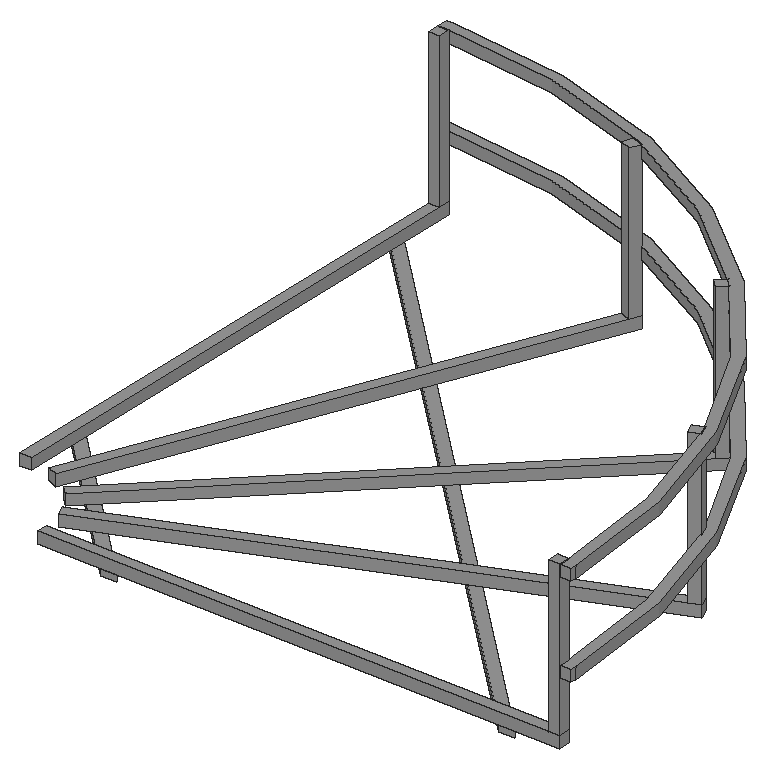
Revit family "Gitterinnen-Systeme_Gitterrinnenbogen 90°_GRB90520", category Generic Models, Revit 2015
Parameters (values of type "GRB 90 520 FT")
  URL = "http://obo-bettermann.com"
  Material = Steel
  Manufacturer Art. No. = "6002226"
  Manufacturer = "OBO Bettermann"
  GTIN = "4012196001750"
  Article Type = "GRB 90 520 FT"
Types (3, lengths in mm): name | Material | Manufacturer Art. No. | GTIN | Article Type
  (no name) | Steel | "6002226" | "4012196001750" | "GRB 90 520 FT"
  GRB 90 520 G | Steel, Galvanized | "6001939" | "4012196352692" | "GRB 90 520 G"
  GRB 90 520 FT | Steel | "6002226" | "4012196001750" | "GRB 90 520 FT"
Reference planes
  plane 1 "Center (Front/Back)": y = 0
  plane 2: z = 0
  plane 3 "Center (Left/Right)": x = 0
  plane 4: through (0, 0, 1200) normal (-0.7071, 0.7071, 0)
  plane 5: y = 1.9
  plane 6: y = -1.9
  plane 7: x = 1.9
  plane 8: x = -1.9
  plane 9: through (12.438, 15.125, 1200) normal (-0.7071, 0.7071, 0)
  plane 10: through (15.125, 12.438, 1200) normal (-0.7071, 0.7071, 0)
  plane 11: z = 2.2
  plane 12: z = 6
  plane 13: z = 58
  plane 14: z = 54.2
  plane 15: z = 27.4
  plane 16: z = 23.6
  plane 17: through (-14.222, 64.427, 1200) normal (0.7071, 0.7071, 0)
  plane 18: through (-12.879, 65.771, 1200) normal (0.7071, 0.7071, 0)
  plane 19: through (-15.566, 63.084, 1200) normal (0.7071, 0.7071, 0)
  plane 20: through (0, 0, 1200) normal (-0.3827, 0.9239, 0)
  plane 21: through (0, 0, 1200) normal (-0.9239, 0.3827, 0)
  plane 22: through (23.11, 7.516, 1200) normal (-0.3827, 0.9239, 0)
  plane 23: through (21.656, 11.027, 1200) normal (-0.3827, 0.9239, 0)
  plane 24: through (11.585, 22.719, 1200) normal (-0.9239, 0.3827, 0)
  plane 25: through (38.479, 98.347, 1200) normal (0.9239, -0.3827, 0)
  plane 26: through (13.015, 171.54, 1200) normal (0.7071, 0.7071, 0)
  plane 27: through (13.143, 168.725, 1200) normal (0.7071, 0.7071, 0)
  plane 28: through (15.83, 171.412, 1200) normal (0.7071, 0.7071, 0)
Forms (mm)
  Extrusion 1, solid, material "Steel" <- "Material"
    sketch origin (0, 0, 0) x (1, 0, 0) y (0, 1, 0)
      loop
        line (-1.9, 54.792) -> (-1.9, 49.418) -> (49.418, -1.9) -> (54.792, -1.9) -> (-1.9, 54.792)
      loop
        line (-1.9, 189.142) -> (-1.9, 183.768) -> (183.768, -1.9) -> (189.142, -1.9) -> (-1.9, 189.142)
    from 0 to 2.2
  Extrusion 2, solid, material "Steel" <- "Material"
    sketch origin (0, 0, 0) x (1, 0, 0) y (0, 1, 0)
      loop
        line (1.9, 27.935) -> (1.9, 204.5) -> (-1.9, 204.5) -> (-1.9, 27.935) -> (1.9, 27.935)
      loop
        line (8.758, 26.595) -> (12.541, 25.028) -> (80.111, 188.155) -> (76.327, 189.722) -> (8.758, 26.595)
      loop
        line (18.41, 21.097) -> (21.097, 18.41) -> (145.941, 143.254) -> (143.254, 145.941) -> (18.41, 21.097)
      loop
        line (25.082, 12.446) -> (26.536, 8.935) -> (189.652, 76.5) -> (188.198, 80.011) -> (25.082, 12.446)
      loop
        line (27.935, 1.9) -> (27.935, -1.902) -> (204.491, -1.902) -> (204.491, 1.9) -> (27.935, 1.9)
    from 2.2 to 6
  Extrusion 3, solid, material "Steel" <- "Material"
    sketch origin (0, 0, 0) x (1, 0, 0) y (0, 1, 0)
      loop
        line (-1.9, 204.5) -> (-1.9, 200.7) -> (1.9, 200.7) -> (1.9, 204.5) -> (-1.9, 204.5)
      loop
        line (74.873, 186.212) -> (78.657, 184.645) -> (80.111, 188.155) -> (76.327, 189.722) -> (74.873, 186.212)
      loop
        line (140.567, 143.254) -> (143.254, 140.567) -> (145.941, 143.254) -> (143.254, 145.941) -> (140.567, 143.254)
      loop
        line (184.687, 78.557) -> (186.142, 75.046) -> (189.652, 76.5) -> (188.198, 80.011) -> (184.687, 78.557)
      loop
        line (200.7, 1.9) -> (200.7, -1.902) -> (204.491, -1.902) -> (204.491, 1.9) -> (200.7, 1.9)
    from 6 to 58
  Extrusion 4, solid, material "Steel" <- "Material"
    sketch origin (0, 0, 0) x (1, 0, 0) y (0, 1, 0)
      loop
        arc (208.3, 0) -> (147.29, 147.29) -> (0, 208.3) r 208.3
        line (0, 208.3) -> (-1.9, 208.3) -> (-1.9, 204.5) -> (0, 204.5)
        arc (0, 204.5) -> (144.603, 144.603) -> (204.5, 0) r 204.5
        line (204.5, 0) -> (204.5, -1.9) -> (208.3, -1.9) -> (208.3, 0)
    from 54.2 to 58
  Extrusion 5, solid, material "Steel" <- "Material"
    sketch origin (0, 0, 0) x (1, 0, 0) y (0, 1, 0)
      loop
        arc (0, 204.5) -> (144.603, 144.603) -> (204.5, 0) r 204.5
        line (204.5, 0) -> (204.5, -1.9) -> (208.3, -1.9) -> (208.3, 0)
        arc (208.3, 0) -> (147.29, 147.29) -> (0, 208.3) r 208.3
        line (0, 208.3) -> (-1.9, 208.3) -> (-1.9, 204.5) -> (0, 204.5)
    from 23.6 to 27.4
Lines and regions (mm)
  reference lines
    curve 1: arc (204.5, 0, 0) -> (144.603, 144.603, 0) -> (0, 204.5, 0) r 204.5
    curve 2: arc (208.3, 0, 0) -> (147.29, 147.29, 0) -> (0, 208.3, 0) r 208.3
    curve 3: arc (28, 0, 0) -> (19.799, 19.799, 0) -> (0, 28, 0) r 28
  model lines
    curve 4: line (-1.9, 208.3, 0) -> (-1.9, 27.935, 0)
    curve 5: line (-1.9, 27.935, 0) -> (1.9, 27.935, 0)
    curve 6: line (1.9, 27.935, 0) -> (1.9, 204.491, 0)
    curve 7: line (18.41, 21.097, 0) -> (143.254, 145.941, 0)
    curve 8: line (21.097, 18.41, 0) -> (145.941, 143.254, 0)
    curve 9: arc (21.097, 18.41, 0) -> (19.799, 19.799, 0) -> (18.41, 21.097, 0) r 28
    curve 10: line (27.935, 1.9, 0) -> (27.935, -1.9, 0)
    curve 11: line (27.935, -1.9, 0) -> (208.3, -1.9, 0)
    curve 12: line (204.491, 1.9, 0) -> (27.935, 1.9, 0)
    curve 13: line (1.9, 50.992, 0) -> (50.992, 1.9, 0)
    curve 14: line (50.992, 1.9, 0) -> (45.618, 1.9, 0)
    curve 15: line (45.618, 1.9, 0) -> (1.9, 45.618, 0)
    curve 16: line (1.9, 45.618, 0) -> (1.9, 50.992, 0)
    curve 17: line (189.652, 76.5, 0) -> (26.536, 8.935, 0)
    curve 18: line (26.536, 8.935, 0) -> (25.082, 12.446, 0)
    curve 19: line (25.082, 12.446, 0) -> (188.198, 80.011, 0)
    curve 20: line (12.541, 25.028, 0) -> (80.111, 188.155, 0)
    curve 21: line (76.327, 189.722, 0) -> (8.758, 26.595, 0)
    curve 22: line (8.758, 26.595, 0) -> (12.541, 25.028, 0)
    curve 23: line (-1.9, 189.142, 0) -> (189.142, -1.9, 0)
    curve 24: line (183.768, -1.9, 0) -> (-1.9, 183.768, 0)
    curve 25: line (208.3, 0, 0) -> (208.3, -1.9, 0)
    curve 26: line (204.5, 0, 0) -> (204.5, -1.9, 0)
    curve 27: line (200.7, 1.9, 0) -> (200.7, -1.9, 0)
    curve 28: line (0, 208.3, 0) -> (-1.9, 208.3, 0)
    curve 29: line (0, 204.5, 0) -> (-1.9, 204.5, 0)
    curve 30: line (1.9, 200.7, 0) -> (-1.9, 200.7, 0)
    curve 31: line (74.873, 186.212, 0) -> (78.657, 184.645, 0)
    curve 32: line (140.567, 143.254, 0) -> (143.254, 140.567, 0)
    curve 33: line (184.687, 78.557, 0) -> (186.142, 75.046, 0)
Dimensions and locks
  equal spacing: plane 8, plane 3 "Center (Left/Right)", plane 7
  locked: plane 8 to plane 7 at 3.8
  equal spacing: plane 5, plane 1 "Center (Front/Back)", plane 6
  locked: plane 5 to plane 6 at 3.8
  locked: level to plane 11 at 2.2
  locked: plane 11 to plane 12 at 3.8
  locked: level to plane 13 at 58
  plane 14 to plane 13 = 3.8 mm
  locked: plane 16 to plane 15 at 3.8
  locked: level to plane 15 at 27.4
  locked: plane 17 to plane 4 at 35.5
  plane 26 to plane 17 = 95 mm
  equal spacing: plane 28, plane 26, plane 27, locked at 1.9 each
  locked: plane 28 to plane 27 at 3.8
  locked: plane 1 "Center (Front/Back)" to plane 4 (angle 45.00°)
  locked: plane 1 "Center (Front/Back)" to plane 20 (angle 22.50°)
  locked: plane 21 to plane 3 "Center (Left/Right)" (angle 22.50°)
  aligned and locked: level to plane 2
  aligned and locked: curve 4 to plane 8
  aligned and locked: plane 7 to curve 5
  aligned and locked: curve 7 to plane 9
  aligned and locked: curve 8 to plane 10
  aligned and locked: curve 11 to plane 6
  aligned and locked: curve 12 to plane 5
  aligned and locked: curve 13 to plane 18
  aligned and locked: plane 19 to curve 15
  aligned and locked: Extrusion 1 to level
  aligned and locked: plane 11 to Extrusion 1
  aligned and locked: Extrusion 2 to plane 11
  aligned and locked: plane 12 to Extrusion 2
  aligned and locked: Extrusion 3 to plane 12
  aligned and locked: plane 13 to Extrusion 3
  aligned and locked: Extrusion 4 to plane 14
  aligned and locked: plane 13 to Extrusion 4
  aligned and locked: Extrusion 5 sketch curve to Extrusion 4  (x2)
  aligned and locked: Extrusion 5 to plane 16
  aligned and locked: plane 15 to Extrusion 5
Automatic sketch dimensions
  curve 1 to curve 2 = 0 mm  (x2)
  curve 1 to curve 3 = 0 mm  (x2)
  plane 1 "Center (Front/Back)" to curve 1 = 0 mm
  curve 1 to plane 3 "Center (Left/Right)" = 0 mm
  curve 3 to plane 7 = 26.1 mm
  curve 1 to curve 2 = 3.8 mm
  curve 3 to curve 1 = 176.5 mm
  curve 29 to plane 3 "Center (Left/Right)" = 0 mm
  plane 1 "Center (Front/Back)" to curve 9 = 0 mm
  curve 9 to plane 3 "Center (Left/Right)" = 0 mm
  curve 28 to plane 3 "Center (Left/Right)" = 0 mm
  curve 16 to plane 7 = 0 mm
  plane 25 to curve 22 = 0 mm
  curve 22 to plane 24 = 0 mm
  curve 19 to plane 23 = 0 mm
  curve 14 to plane 5 = 0 mm
  curve 14 to plane 18 = 0 mm
  plane 25 to curve 31 = 0 mm
  plane 27 to curve 24 = 0 mm
  plane 23 to curve 33 = 0 mm
  plane 22 to curve 33 = 0 mm
  plane 28 to curve 23 = 0 mm
  plane 1 "Center (Front/Back)" to curve 26 = 0 mm
  plane 1 "Center (Front/Back)" to curve 25 = 0 mm
  curve 16 to plane 19 = 0 mm
  curve 16 to plane 18 = 0 mm
  curve 24 to plane 27 = 0 mm
  curve 23 to plane 28 = 0 mm
  curve 22 to plane 7 = 6.858 mm
  curve 20 to curve 7 = 5.868 mm
  plane 5 to curve 19 = 10.546 mm
  curve 17 to curve 10 = 1.399 mm
  curve 23 to curve 25 = 19.158 mm
  curve 21 to curve 4 = 1.34 mm
  curve 23 to curve 28 = 19.158 mm
  curve 31 to plane 7 = 72.973 mm
  curve 31 to curve 21 = 1.454 mm
  curve 31 to curve 20 = 1.454 mm
  curve 31 to curve 32 = 61.91 mm
  curve 32 to curve 7 = 2.687 mm
  plane 5 to curve 8 = 141.354 mm
  plane 5 to curve 33 = 73.146 mm
  plane 5 to curve 19 = 78.111 mm
  plane 5 to curve 17 = 74.6 mm
  curve 27 to curve 25 = 7.6 mm
  curve 27 to curve 12 = 3.791 mm
  curve 12 to curve 26 = 0.009 mm
  curve 30 to curve 4 = 7.6 mm
  curve 30 to curve 6 = 3.791 mm
  curve 6 to curve 29 = 0.009 mm
  Extrusion 1 sketch curve to plane 8 = 0 mm  (x2)
  Extrusion 1 sketch curve to plane 6 = 0 mm
  Extrusion 1 sketch curve to plane 19 = 0 mm  (x2)
  Extrusion 1 sketch curve to plane 18 = 0 mm  (x2)
  plane 6 to Extrusion 1 sketch curve = 0 mm
  plane 27 to Extrusion 1 sketch curve = 0 mm
  plane 28 to Extrusion 1 sketch curve = 0 mm
  Extrusion 1 sketch curve to plane 27 = 0 mm
  Extrusion 1 sketch curve to plane 28 = 0 mm
  Extrusion 2 sketch curve to plane 8 = 0 mm
  Extrusion 2 sketch curve to plane 7 = 0 mm
  plane 25 to Extrusion 2 sketch curve = 0 mm  (x2)
  Extrusion 2 sketch curve to plane 24 = 0 mm
  Extrusion 2 sketch curve to plane 9 = 0 mm
  Extrusion 2 sketch curve to plane 10 = 0 mm
  Extrusion 2 sketch curve to plane 23 = 0 mm
  Extrusion 2 sketch curve to plane 22 = 0 mm
  Extrusion 2 sketch curve to plane 5 = 0 mm
  plane 9 to Extrusion 2 sketch curve = 0 mm
  plane 23 to Extrusion 2 sketch curve = 0 mm
  Extrusion 2 sketch curve to plane 7 = 6.858 mm
  Extrusion 2 sketch curve to Extrusion 2 sketch curve = 5.868 mm
  plane 5 to Extrusion 2 sketch curve = 10.546 mm
  Extrusion 2 sketch curve to plane 7 = 74.427 mm
  Extrusion 2 sketch curve to Extrusion 2 sketch curve = 63.143 mm
  plane 5 to Extrusion 2 sketch curve = 78.111 mm
  Extrusion 2 sketch curve to Extrusion 2 sketch curve = 14.839 mm
  Extrusion 2 sketch curve to plane 6 = 0.002 mm
  Extrusion 2 sketch curve to Extrusion 2 sketch curve = 1.34 mm
  Extrusion 2 sketch curve to Extrusion 2 sketch curve = 14.778 mm
  Extrusion 2 sketch curve to Extrusion 2 sketch curve = 1.399 mm
  Extrusion 3 sketch curve to plane 8 = 0 mm
  Extrusion 3 sketch curve to plane 7 = 0 mm
  plane 25 to Extrusion 3 sketch curve = 0 mm  (x2)
  plane 24 to Extrusion 3 sketch curve = 0 mm
  plane 9 to Extrusion 3 sketch curve = 0 mm  (x2)
  plane 10 to Extrusion 3 sketch curve = 0 mm
  plane 23 to Extrusion 3 sketch curve = 0 mm  (x2)
  plane 22 to Extrusion 3 sketch curve = 0 mm
  plane 5 to Extrusion 3 sketch curve = 0 mm
  Extrusion 3 sketch curve to plane 7 = 72.973 mm
  Extrusion 3 sketch curve to Extrusion 3 sketch curve = 1.454 mm
  Extrusion 3 sketch curve to Extrusion 3 sketch curve = 61.91 mm
  Extrusion 3 sketch curve to Extrusion 3 sketch curve = 2.687 mm
  plane 5 to Extrusion 3 sketch curve = 76.657 mm
  plane 5 to Extrusion 3 sketch curve = 78.111 mm
  Extrusion 3 sketch curve to Extrusion 3 sketch curve = 18.35 mm
  Extrusion 3 sketch curve to plane 6 = 0.002 mm
  Extrusion 3 sketch curve to Extrusion 3 sketch curve = 14.488 mm
  Extrusion 3 sketch curve to Extrusion 3 sketch curve = 3.8 mm
  Extrusion 3 sketch curve to Extrusion 3 sketch curve = 3.791 mm
  Extrusion 4 sketch curve to Extrusion 4 sketch curve = 0 mm  (x2)
  Extrusion 4 sketch curve to plane 8 = 0 mm
  Extrusion 4 sketch curve to plane 3 "Center (Left/Right)" = 0 mm
  plane 1 "Center (Front/Back)" to Extrusion 4 sketch curve = 0 mm
  plane 6 to Extrusion 4 sketch curve = 0 mm
  Extrusion 4 sketch curve to plane 7 = 202.6 mm
  Extrusion 4 sketch curve to Extrusion 4 sketch curve = 3.8 mm
  Extrusion 5 sketch curve to plane 8 = 0 mm
  plane 6 to Extrusion 5 sketch curve = 0 mm
